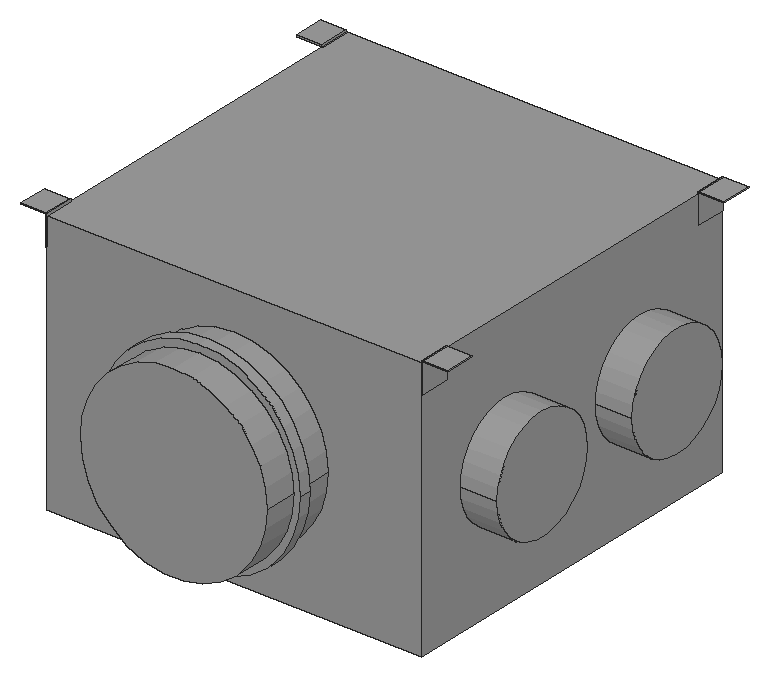
Revit family "SA_FASU(F4-150 250Φ)", category ダクト付属品, Revit 2021
Family settings
  丸型コネクタ寸法 = 直径を使用
  パーツ タイプ = ダンパー
  OmniClass 番号 = 23.75.00.00
  OmniClass タイトル = Climate Control (HVAC)
  作業面ベース = いいえ
  常に垂直 = はい
  ロード時にボイドで切り取り = いいえ
  共有 = いいえ
Parameters
  高さ = 350 mm
  風量 = 0.0 L/s
  符号 = "FASU"
  形式 = "F4-150 250φ"
  幅 [instance] = 500 mm
  奥行き = 500 mm
  大きさ = 250 mm
  呼称 = "FASUチャンバー"
  付属品_下端レベル [instance] = 0 mm
  マテリアル [instance] = 既定値
  ダクト_イン = 250 mm
  ダクト_アウト = 150 mm
  既定の高さ = 0 mm
Reference planes
  plane 1 "中心(正面/背面)": y = 0
  plane 2: z = 0
  plane 3 "中心(左/右)": x = 0
  plane 4: x = -250
  plane 5: x = 250
  plane 6: y = -500
  plane 7: z = 350
  plane 8: z = 175
  plane 9: z = 266.963
  plane 10: z = 86.159
  plane 11: x = -125
  plane 12: x = 125
  plane 13: x = -135
  plane 14: x = 135
  plane 15: x = -251
  plane 16: z = 313.122
  plane 17: z = 352.122
  plane 18: y = -250
Forms (mm)
  Extrusion 1, solid, material "既定値" <- "マテリアル"
    sketch origin (0, 0, 0) x (1, 0, 0) y (0, 1, 0)
      loop
        line (-250, 0) -> (-250, -500) -> (250, -500) -> (250, 0) -> (-250, 0)
    from 0 to 350
  Extrusion 2, solid, material "既定値" <- "マテリアル"
    sketch origin (0, -30, 0) x (1, 0, 0) y (0, 0, 1)
      loop
        circle (0, 175) r 125
    from 470 to 512.5
  Extrusion 3, solid, material "既定値" <- "マテリアル"
    sketch origin (0, -30, 0) x (1, 0, 0) y (0, 0, 1)
      loop
        circle (0, 175) r 135
    from 512.5 to 527.5
  Extrusion 4, solid, material "既定値" <- "マテリアル"
    sketch origin (0, -117.5, 0) x (1, 0, 0) y (0, 0, 1)
      loop
        circle (0, 175) r 125
    from 440 to 482.5
  Extrusion 5, solid, material "既定値" <- "マテリアル"
    sketch origin (0, -30, 0) x (0, 1, 0) y (0, 0, 1)
      loop
        circle (-332.5, 175) r 74.985
    from -300 to -250
  Extrusion 6, solid, material "既定値" <- "マテリアル"
    sketch origin (550, -30, 0) x (0, 1, 0) y (0, 0, 1)
      loop
        circle (-332.5, 175) r 74.985
    from -300 to -250
  Extrusion 7, solid, material "既定値" <- "マテリアル"
    sketch origin (0, -30, 0) x (1, 0, 0) y (0, 1, 0)
      loop
        line (-250, 30) -> (-251, 30) -> (-251, -10) -> (-250, -10) -> (-250, 30)
    from 313.122 to 350
  Extrusion 8, solid, material "既定値" <- "マテリアル"
    sketch origin (0, -30, 0) x (1, 0, 0) y (0, 1, 0)
      loop
        line (-285, 30) -> (-285, -10) -> (-251, -10) -> (-251, 30) -> (-285, 30)
    from 352.122 to 350
  Extrusion 9, solid, material "既定値" <- "マテリアル"
    sketch origin (0, -30, 0) x (-1, 0, 0) y (0, -1, 0)
      loop
        line (-250, -30) -> (-250, 10) -> (-251, 10) -> (-251, -30) -> (-250, -30)
    from 313.122 to 353.122
  Extrusion 10, solid, material "既定値" <- "マテリアル"
    sketch origin (0, -30, 0) x (-1, 0, 0) y (0, -1, 0)
      loop
        line (-285, -30) -> (-251, -30) -> (-251, 10) -> (-285, 10) -> (-285, -30)
    from 352.122 to 353.122
  Extrusion 11, solid, material "既定値" <- "マテリアル"
    sketch origin (0, -490, 0) x (1, 0, 0) y (0, 1, 0)
      loop
        line (-285, 30) -> (-285, -10) -> (-251, -10) -> (-251, 30) -> (-285, 30)
    from 352.122 to 353.122
  Extrusion 12, solid, material "既定値" <- "マテリアル"
    sketch origin (0, -490, 0) x (1, 0, 0) y (0, 1, 0)
      loop
        line (-250, 30) -> (-251, 30) -> (-251, -10) -> (-250, -10) -> (-250, 30)
    from 313.122 to 353.122
  Extrusion 13, solid, material "既定値" <- "マテリアル"
    sketch origin (0, -490, 0) x (-1, 0, 0) y (0, -1, 0)
      loop
        line (-285, -30) -> (-251, -30) -> (-251, 10) -> (-285, 10) -> (-285, -30)
    from 352.122 to 353.122
  Extrusion 14, solid, material "既定値" <- "マテリアル"
    sketch origin (0, -490, 0) x (-1, 0, 0) y (0, -1, 0)
      loop
        line (-250, -30) -> (-250, 10) -> (-251, 10) -> (-251, -30) -> (-250, -30)
    from 313.122 to 353.122
  Extrusion 15, solid, material "既定値" <- "マテリアル"
    sketch origin (550, -470, 0) x (0, -1, 0) y (0, 0, -1)
      loop
        circle (-332.5, -175) r 74.985
    from -300 to -250
  Extrusion 16, solid, material "既定値" <- "マテリアル"
    sketch origin (-550, -470, 0) x (0, -1, 0) y (0, 0, 1)
      loop
        circle (-332.5, 175) r 74.985
    from -300 to -250
Lines and regions (mm)
  model lines
    curve 1: line (-250, -30, 0) -> (250, -30, 0)
    curve 2: line (-250, -470, 0) -> (250, -470, 0)
Text (mm)
  text "FASU(F4-150 250Φ)" at (120.822, -450.782, 0), in view "参照レベル"
Dimensions and locks
  equal spacing: plane 4, plane 3 "中心(左/右)", plane 5
  "幅": plane 4 to plane 5
  "奥行き": plane 6 to plane 1 "中心(正面/背面)"
  "高さ": plane 7 to level
  equal spacing: plane 7, plane 8, level
  equal spacing: plane 6, plane 18, plane 1 "中心(正面/背面)"
  aligned and locked: level to plane 2
  aligned and locked: Extrusion 1 sketch curve to plane 5
  aligned and locked: plane 7 to Extrusion 1
  aligned and locked: plane 4 to Extrusion 5
  aligned and locked: Extrusion 6 to plane 5
  aligned and locked: Extrusion 7 sketch curve to Extrusion 1
  aligned and locked: plane 7 to Extrusion 7
  aligned and locked: Extrusion 8 sketch curve to Extrusion 7
  aligned and locked: Extrusion 7 to Extrusion 8 sketch curve
  aligned and locked: plane 7 to Extrusion 8
  aligned and locked: Extrusion 8 to plane 17
  aligned and locked: Extrusion 9 to Extrusion 10 sketch curve
  aligned and locked: Extrusion 10 sketch curve to Extrusion 9
  aligned and locked: Extrusion 3 to Extrusion 4
  aligned and locked: Extrusion 3 to Extrusion 2
  aligned and locked: Extrusion 1 to Extrusion 13
  aligned and locked: Extrusion 11 to Extrusion 1
  aligned and locked: Extrusion 12 to Extrusion 1
  aligned and locked: Extrusion 1 to Extrusion 14
  aligned and locked: Extrusion 14 to Extrusion 13
  aligned and locked: Extrusion 12 to Extrusion 11
  aligned and locked: plane 4 to Extrusion 12
  aligned and locked: Extrusion 14 to plane 5
  aligned and locked: plane 4 to curve 1
  aligned and locked: plane 5 to curve 1
  aligned and locked: plane 5 to curve 2
  aligned and locked: plane 4 to curve 2
  aligned and locked: Extrusion 1 to Extrusion 8
  aligned and locked: Extrusion 10 to Extrusion 1
  aligned and locked: Extrusion 9 to plane 5
  aligned and locked: Extrusion 1 to plane 6
  aligned and locked: Extrusion 1 to plane 1 "中心(正面/背面)"
  aligned and locked: plane 6 to Extrusion 2
  aligned and locked: Extrusion 15 to plane 5
  aligned and locked: plane 4 to Extrusion 16
Automatic sketch dimensions
  plane 6 to curve 2 = 30 mm
  plane 1 "中心(正面/背面)" to curve 1 = 30 mm
  Extrusion 1 sketch curve to plane 4 = 0 mm
  Extrusion 1 sketch curve to plane 6 = 0 mm
  plane 1 "中心(正面/背面)" to Extrusion 1 sketch curve = 0 mm
  Extrusion 2 sketch curve to plane 3 "中心(左/右)" = 0 mm
  Extrusion 2 sketch curve to plane 8 = 0 mm
  Extrusion 3 sketch curve to plane 3 "中心(左/右)" = 0 mm
  Extrusion 3 sketch curve to plane 8 = 0 mm
  Extrusion 4 sketch curve to plane 3 "中心(左/右)" = 0 mm
  Extrusion 4 sketch curve to plane 8 = 0 mm
  Extrusion 5 sketch curve to plane 8 = 0 mm
  Extrusion 6 sketch curve to plane 8 = 0 mm
  plane 1 "中心(正面/背面)" to Extrusion 7 sketch curve = 0 mm
  Extrusion 7 sketch curve to plane 15 = 0 mm
  Extrusion 7 sketch curve to Extrusion 7 sketch curve = 40 mm
  plane 1 "中心(正面/背面)" to Extrusion 8 sketch curve = 0 mm
  Extrusion 8 sketch curve to Extrusion 8 sketch curve = 34 mm
  plane 1 "中心(正面/背面)" to Extrusion 9 sketch curve = 0 mm
  Extrusion 9 sketch curve to plane 5 = 0 mm
  Extrusion 9 sketch curve to Extrusion 9 sketch curve = 1 mm
  Extrusion 9 sketch curve to Extrusion 9 sketch curve = 40 mm
  plane 1 "中心(正面/背面)" to Extrusion 10 sketch curve = 0 mm
  Extrusion 10 sketch curve to Extrusion 10 sketch curve = 34 mm
  Extrusion 11 sketch curve to plane 6 = 0 mm
  Extrusion 11 sketch curve to plane 15 = 0 mm
  Extrusion 11 sketch curve to Extrusion 11 sketch curve = 34 mm
  Extrusion 12 sketch curve to plane 15 = 0 mm
  Extrusion 12 sketch curve to plane 4 = 0 mm
  Extrusion 12 sketch curve to plane 6 = 0 mm
  Extrusion 13 sketch curve to plane 6 = 0 mm
  Extrusion 13 sketch curve to plane 5 = 35 mm
  Extrusion 13 sketch curve to plane 5 = 1 mm
  Extrusion 14 sketch curve to plane 6 = 0 mm
  Extrusion 14 sketch curve to plane 5 = 0 mm
  Extrusion 14 sketch curve to Extrusion 14 sketch curve = 1 mm
  Extrusion 15 sketch curve to plane 8 = 0 mm
  plane 18 to Extrusion 15 sketch curve = 112.5 mm
  Extrusion 16 sketch curve to plane 8 = 0 mm
  plane 18 to Extrusion 16 sketch curve = 112.5 mm
  Extrusion 5 sketch curve to plane 18 = 112.5 mm
  Extrusion 6 sketch curve to plane 18 = 112.5 mm
  plane 6 to Extrusion 11 sketch curve = 40 mm
  plane 6 to Extrusion 12 sketch curve = 40 mm
  Extrusion 13 sketch curve to plane 6 = 40 mm
  Extrusion 14 sketch curve to plane 6 = 40 mm
  radius of Extrusion 2 sketch curve = 125 mm
  radius of Extrusion 3 sketch curve = 135 mm
  radius of Extrusion 4 sketch curve = 125 mm
  radius of Extrusion 5 sketch curve = 74.985 mm
  radius of Extrusion 6 sketch curve = 74.985 mm
  radius of Extrusion 15 sketch curve = 74.985 mm
  radius of Extrusion 16 sketch curve = 74.985 mm
Connectors
  hvac at (-300, -362.5, 175), driven by "ダクト_アウト"
    settings: on Extrusion 5, index 1, duct flow 0.0 L/s, flow factor 0, pres drop 0.0 Pa, loss coef 0, conn angle 0.00°, conn width 304.8 mm, conn height 304.8 mm, conn diameter 150 mm, duct sys type 29, conn prof type 0, flow config 0, flow direction 2, loss method 0, conn ref index -1, conn util no, is conn primary yes, conn desc ""
  hvac at (-300, -137.5, 175), driven by "ダクト_アウト"
    settings: on Extrusion 16, index 2, duct flow 0.0 L/s, flow factor 0, pres drop 0.0 Pa, loss coef 0, conn angle 0.00°, conn width 304.8 mm, conn height 304.8 mm, conn diameter 150 mm, duct sys type 29, conn prof type 0, flow config 0, flow direction 2, loss method 0, conn ref index -1, conn util no, is conn primary no, conn desc ""
  hvac at (300, -362.5, 175), driven by "ダクト_アウト"
    settings: on Extrusion 6, index 3, duct flow 0.0 L/s, flow factor 0, pres drop 0.0 Pa, loss coef 0, conn angle 0.00°, conn width 304.8 mm, conn height 304.8 mm, conn diameter 150 mm, duct sys type 29, conn prof type 0, flow config 0, flow direction 2, loss method 0, conn ref index -1, conn util no, is conn primary no, conn desc ""
  hvac at (300, -137.5, 175), driven by "ダクト_アウト"
    settings: on Extrusion 15, index 4, duct flow 0.0 L/s, flow factor 0, pres drop 0.0 Pa, loss coef 0, conn angle 0.00°, conn width 304.8 mm, conn height 304.8 mm, conn diameter 150 mm, duct sys type 29, conn prof type 0, flow config 0, flow direction 2, loss method 0, conn ref index -1, conn util no, is conn primary no, conn desc ""
  hvac at (0, -600, 175), driven by "ダクト_イン"
    settings: on Extrusion 4, index 5, duct flow 0.0 L/s, flow factor 0, pres drop 0.0 Pa, loss coef 0, conn angle 0.00°, conn width 304.8 mm, conn height 304.8 mm, conn diameter 250 mm, duct sys type 29, conn prof type 0, flow config 0, flow direction 1, loss method 0, conn ref index -1, conn util no, is conn primary no, conn desc ""
